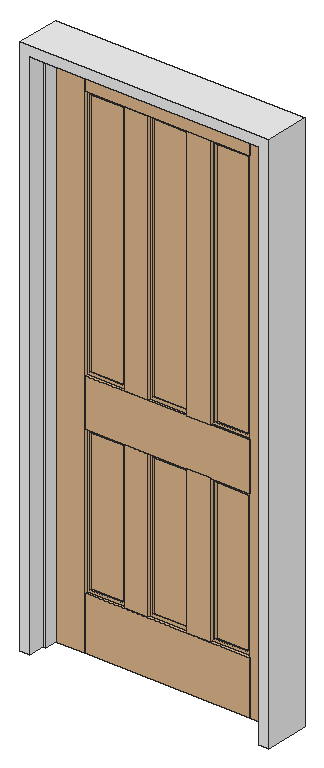
Revit family
Parameters (values of type "1 3/4" Flat Panel")
  URL = "http://www.karonadoor.com"
  Thickness Note = "Do not edit thickness."  # constant formula
  Thickness = 1.774"
  Swing Angle 2D = 90.00°
  SmartBIM Object Version = 1  # constant formula
  SmartBIM Object Created By = "Reed Construction Data"  # constant formula
  Rough Width = 0.000"
  Rough Height = 1.750"
  Panel = Panel_K3060_Karona : 1 3/4" - Flat Panel
  Model = "K3060 Mission"  # constant formula
  Manufacturer = "Karona , Inc."  # constant formula
  Detail Door Thickness = 1.750"
  Assembly Code = ""
  Top Rail Height = 5.000"
  Top Rail = Wood, Cherry - Grain Horizontal
  Stile Width = 5.063"
  Stile = Wood, Cherry - Grain Vertical
  Sticking = Wood, Cherry - Grain Vertical
  Middle Rail = Wood, Cherry - Grain Horizontal
  Height = 84.000"
  Wall Closure = (empty or 0)
  Width = 36.000"
  Frame = Metal
  Bottom Rail Height = 8.500"
  Bottom Rail = Wood, Cherry - Grain Horizontal
  95 CSI = "08210"  # constant formula
  04 CSI = "08 14 33"  # constant formula
Types (9): name | Thickness | Rough Height | Panel | Detail Door Thickness
  1 3/4" Flat Panel | 1.774" | 1.750" | Panel_K3060_Karona : 1 3/4" - Flat Panel | 1.750"
  1 3/8" Flat Panel | 1.334" | 0.000" | Panel_K3060_Karona : 1 3/8" - Flat Panel | 1.375"
  2 1/4" Flat Panel | 2.250" | 0.000" | Panel_K3060_Karona : 2 1/4" - Flat Panel | 2.250"
  1 3/4" Glass Panel | 1.774" | 1.750" | Panel_K3060_Karona : 1 3/4" - Glass Panel | 1.750"
  1 3/8" Glass Panel | 1.334" | 0.000" | Panel_K3060_Karona : 1 3/8" - Glass Panel | 1.375"
  2 1/4" Glass Panel | 2.250" | 0.000" | Panel_K3060_Karona : 2 1/4" - Glass | 2.250"
  1 3/4" Raised Panel | 1.774" | 1.750" | Panel_K3060_Karona : 1 3/4" - Raised Panel | 1.750"
  1 3/8" Raised Panel | 1.334" | 0.000" | Panel_K3060_Karona : 1 3/8" - Raised Panel | 1.375"
  2 1/4" Raised Panel | 2.250" | 0.000" | Panel_K3060_Karona : 2 1/4" - Raised Panel | 2.250"
Reference planes (in)
  plane 1 "Center (Front/Back)": y = 0
  plane 2 "Center (Left/Right)": x = 0
  plane 3 "Left": x = -18
  plane 4 "Right": x = 18
  plane 5 "Top": z = 84
  plane 6 "Exterior Edge of Frame": y = 3.5
  plane 7 "Interior Edge of Frame": y = -3.5
  plane 8: y = 1
  plane 9: y = -1
  plane 10 "Opening Left": x = -19.5
  plane 11 "Opening Right": x = 19.5
  plane 12 "Top of Opening": z = 85.5
  plane 13: x = -17.5
Forms (in)
  Sweep 1, solid, material "Metal" <- "Frame"
    path origin (0, 0, 0) x (1, 0, 0) y (0, 0, 1)
      loop
        line (-19.5, 0) -> (-19.5, 85.5) -> (19.5, 85.5) -> (19.5, 0)
    profile origin (-19.5, 0, 42.75) x (-1, 0, 0) y (0, -1, 0)
      loop
        line (0, -3.5) -> (0, 3.5) -> (-1.5, 3.5) -> (-1.5, 1) -> (-2, 1) -> (-2, -1) -> (-1.5, -1) -> (-1.5, -3.5) -> (0, -3.5)
Lines and regions (in)
  Opening 1
    outline origin (-90, -3, 0) x (1, 0, 0) y (0, 0, 1)
      loop
        line (70.5, 0) -> (109.5, 0) -> (109.5, 85.5) -> (70.5, 85.5) -> (70.5, 0)
  symbolic lines, style "Elevation Swing"
    curve 1: line (18, 3, 0) -> (-18, 3, 42)
    curve 2: line (-18, 3, 42) -> (18, 3, 84)
Text (in)
  text "Exterior" at (-46.13199, 20.20143, 0), in view "Ref. Level"
  text "Interior" at (-46.13199, -10.56751, 0), in view "Ref. Level"
  text "Exterior" at (0, 40.15149, 123.01588), in view "Right"
  text "Interior" at (0, -64.39139, 123.01588), in view "Right"
  text "Interior" at (0, -31.01599, 123.00693), in view "Left"
  text "Exterior" at (0, 54.57065, 123.00693), in view "Left"
Dimensions and locks (in)
  "Height": level to plane 5 "Top"
  "Width": plane 3 "Left" to plane 4 "Right"
  equal spacing: host wall, curve 2, plane 5 "Top"
  locked: host wall to plane 7 "Interior Edge of Frame" at 0.5
  locked: plane 6 "Exterior Edge of Frame" to host wall at 0.5
  locked: plane 9 to plane 7 "Interior Edge of Frame" at 2.5
  locked: plane 6 "Exterior Edge of Frame" to plane 8 at 2.5
  equal spacing: plane 3 "Left", plane 2 "Center (Left/Right)", plane 4 "Right"
  locked: plane 4 "Right" to plane 11 "Opening Right" at 1.5
  locked: plane 5 "Top" to plane 12 "Top of Opening" at 1.5
  locked: plane 3 "Left" to plane 13 at 0.5
  locked: plane 10 "Opening Left" to plane 3 "Left" at 1.5
  aligned and locked: Opening 1 sketch curve to level
  aligned and locked: plane 4 "Right" to curve 1
  aligned and locked: plane 3 "Left" to curve 1
  aligned and locked: plane 5 "Top" to curve 2
  aligned and locked: Opening 1 sketch curve to plane 11 "Opening Right"
  aligned and locked: plane 12 "Top of Opening" to Opening 1 sketch curve
  aligned and locked: Opening 1 sketch curve to plane 10 "Opening Left"
  aligned and locked: plane 10 "Opening Left" to Sweep 1 sketch curve
  aligned and locked: plane 12 "Top of Opening" to Sweep 1 sketch curve
  aligned and locked: plane 11 "Opening Right" to Sweep 1 sketch curve
  aligned and locked: level to Sweep 1 sketch curve  (x2)
  aligned and locked: Sweep 1 sketch curve to plane 10 "Opening Left"
  aligned and locked: Sweep 1 sketch curve to plane 6 "Exterior Edge of Frame"
  aligned and locked: Sweep 1 sketch curve to plane 7 "Interior Edge of Frame"
  aligned and locked: Sweep 1 sketch curve to plane 8
  aligned and locked: Sweep 1 sketch curve to plane 9
  aligned and locked: plane 13 to Sweep 1 sketch curve
  aligned and locked: plane 3 "Left" to Sweep 1 sketch curve  (x2)
  aligned and locked: nested 1 to plane 2 "Center (Left/Right)"
  aligned and locked: nested 1 to plane 8
  aligned and locked: nested 2 to plane 3 "Left"
  aligned and locked: nested 2 to plane 8
Automatic sketch dimensions
  curve 1 to level = 0.000"
  curve 2 to plane 4 "Right" = 0.000"
Nested families (in)
  nested 1: "Panel_K3060_Karona" at (-13.5, 0.6575, 0) x (-1, 0, 0) z (0, 0, 1), type <- "Panel", type "1 3/4" - Flat Panel"
  nested 2: "Door Panel Plan View" at (-31.5, 1, 0) x (-1, 0, 0) z (0, 0, 1), type "Door Panel Plan View"
    with Thickness 1.750", Height 84.000"
Definition of nested family "Panel_K3060_Karona"
  Parameters (values of type "2 1/4" - Flat Panel")
    Width = 36.000"
    Top Rail Material = Wood, Cherry - Grain Horizontal
    Top Rail Height = 5.000"
    Top Panel Height = Height - (Top Rail Height + Bottom Lock Rail Height)  # 56.000"
    Thickness Note = "Do not change door thickness"  # constant formula
    Thickness = 2.250"
    Stile Width = 5.063"
    Stile Material = Wood, Cherry - Grain Vertical
    Sticking Material = Wood, Cherry - Grain Vertical
    Panel Width = (Width - (2 * Stile Width) - (2 * Mullion Width)) / 3  # 6.208"
    Panel = Glass-Sticking-Assembly-Mission_Karona : Flat Panel
    Mullion Width = 3.625"  # constant formula
    Lock Rail Height = 7.500"  # constant formula
    Interior Panel = Wood, Cherry - Grain Vertical
    Height = 100.000"
    Half Panel Width = 0.5 * Panel Width  # 3.104"
    Exterior Edge - Glass Bottom Offset = if(Thickness = 1.774", 0.567", if(Thickness = 2.250", 0.803", 0.469"))  # 0.803"
    Door Panel Material = Wood, Cherry - Grain Vertical
    Default Elevation = 0.000"  # constant formula
    Bottom Lock Rail Height = 39.000"
    Bottom Rail Material = Wood, Cherry - Grain Horizontal
    Bottom Rail Height = 8.500"
    Bottom Panel Height = Bottom Lock Rail Height - (Lock Rail Height + Bottom Rail Height)  # 23.000"
    Assembly Code = ""
  Types (9): name | Top Panel Height | Thickness | Panel | Interior Panel | Height | Exterior Edge - Glass Bottom Offset
    2 1/4" - Flat Panel | 56.000" | 2.250" | Glass-Sticking-Assembly-Mission_Karona : Flat Panel | Wood, Cherry - Grain Vertical | 100.000" | 0.803"
    2 1/4" - Glass | 40.000" | 2.250" | Glass-Sticking-Assembly-Mission_Karona : Glass Panel | Glass | 84.000" | 0.803"
    2 1/4" - Raised Panel | 40.000" | 2.250" | Glass-Sticking-Assembly-Mission_Karona : Raised Panel | Wood, Cherry - Grain Vertical | 84.000" | 0.803"
    1 3/4" - Raised Panel | 40.000" | 1.774" | Glass-Sticking-Assembly-Mission_Karona : Raised Panel | Wood, Cherry - Grain Vertical | 84.000" | 0.567"
    1 3/4" - Flat Panel | 40.000" | 1.774" | Glass-Sticking-Assembly-Mission_Karona : Flat Panel | Wood, Cherry - Grain Vertical | 84.000" | 0.567"
    1 3/4" - Glass Panel | 40.000" | 1.774" | Glass-Sticking-Assembly-Mission_Karona : Glass Panel | Glass | 84.000" | 0.567"
    1 3/8" - Raised Panel | 40.000" | 1.334" | Glass-Sticking-Assembly-Mission_Karona : Raised Panel | Wood, Cherry - Grain Vertical | 84.000" | 0.469"
    1 3/8" - Glass Panel | 40.000" | 1.334" | Glass-Sticking-Assembly-Mission_Karona : Glass Panel | Glass | 84.000" | 0.469"
    1 3/8" - Flat Panel | 40.000" | 1.334" | Glass-Sticking-Assembly-Mission_Karona : Flat Panel | Wood, Cherry - Grain Horizontal | 84.000" | 0.469"
  Reference planes (in)
    plane 1 "Center (Front/Back)": y = 1.2315
    plane 2: z = 0
    plane 3 "Center (Left/Right)": x = -13.5
    plane 4 "Left": x = -31.5
    plane 5: x = 4.5
    plane 6 "Inner Left": x = -26.437
    plane 7 "Inner Right": x = -0.563
    plane 8: z = 8.5
    plane 9 "Bottom Of Top Rail": z = 95
    plane 10 "Top": z = 100
    plane 11 "Interior Edge of Door": y = 2.3565
    plane 12: z = 95
    plane 13 "Exterior Edge of Door": y = 0.1065
    plane 14 "Bottom of Glass": y = 0.9095
    plane 15 "Left Panel Vertical Midline": x = -23.333
    plane 16 "Right Panel Vertical Midline": x = -3.667
    plane 17 "Center of Left Vertical Mullion": x = -18.4165
    plane 18 "Center of Right Vertical Mullion": x = -8.5835
    plane 19: z = 39
    plane 20: z = 31.5
  Forms (in)
    Extrusion 1, solid, material "Wood, Cherry - Grain Horizontal" <- "Bottom Rail Material"
      sketch origin (0, -101.3125, 0) x (1, 0, 0) y (0, 0, 1)
        loop
          line (-26.437, 0) -> (-0.563, 0) -> (-0.563, 8.5) -> (-26.437, 8.5) -> (-26.437, 0)
      from -103.669 to -101.419
    Extrusion 2, solid, material "Wood, Cherry - Grain Vertical" <- "Stile Material"
      sketch origin (0, 1.2315, 0) x (1, 0, 0) y (0, 0, 1)
        loop
          line (-31.5, 100) -> (-31.5, 0) -> (-26.437, 0) -> (-26.437, 100) -> (-31.5, 100)
        loop
          line (-0.563, 0) -> (4.5, 0) -> (4.5, 100) -> (-0.563, 100) -> (-0.563, 0)
      from -1.125 to 1.125
    Extrusion 3, solid, material "Wood, Cherry - Grain Horizontal" <- "Top Rail Material"
      sketch origin (0, 1.2315, 0) x (1, 0, 0) y (0, 0, 1)
        loop
          line (-26.437, 100) -> (-26.437, 95) -> (-0.563, 95) -> (-0.563, 100) -> (-26.437, 100)
      from -1.125 to 1.125
    Extrusion 4, solid, material "Wood, Cherry - Grain Vertical" <- "Stile Material"
      sketch origin (0, 1.2315, 0) x (1, 0, 0) y (0, 0, 1)
        loop
          line (-20.229, 39) -> (-16.604, 39) -> (-16.604, 95) -> (-20.229, 95) -> (-20.229, 39)
        loop
          line (-10.396, 39) -> (-6.771, 39) -> (-6.771, 95) -> (-10.396, 95) -> (-10.396, 39)
        loop
          line (-20.229, 31.5) -> (-20.229, 8.5) -> (-16.604, 8.5) -> (-16.604, 31.5) -> (-20.229, 31.5)
        loop
          line (-10.396, 31.5) -> (-10.396, 8.5) -> (-6.771, 8.5) -> (-6.771, 31.5) -> (-10.396, 31.5)
      from -1.125 to 1.125
    Extrusion 5, solid, material "Wood, Cherry - Grain Horizontal" <- "Top Rail Material"
      sketch origin (-31.5, 1.2315, 0) x (0, 0, 1) y (0, 1, 0)
        loop
          line (39, 1.125) -> (31.5, 1.125) -> (31.5, -1.125) -> (39, -1.125) -> (39, 1.125)
      from -30.937 to -5.063
  Text (in)
    text "EXTERIOR" at (-34.59289, -1.27941, 0), in view "Ref. Level"
    text "EXTERIOR" at (0, -9.65287, 72.76687), in view "Left"
    text "EXTERIOR" at (0, -33.33473, 96.68074), in view "Right"
  Dimensions and locks (in)
    equal spacing: plane 4 "Left", plane 3 "Center (Left/Right)", plane 5
    "Width": plane 4 "Left" to plane 5
    "Stile Width": plane 4 "Left" to plane 6 "Inner Left"
    "Stile Width": plane 5 to plane 7 "Inner Right"
    "Bottom Rail Height": plane 8 to plane 2
    "Top Rail Height": plane 10 "Top" to plane 9 "Bottom Of Top Rail"
    "Height": plane 10 "Top" to plane 2
    equal spacing: plane 11 "Interior Edge of Door", plane 1 "Center (Front/Back)", plane 13 "Exterior Edge of Door"
    "Thickness": plane 11 "Interior Edge of Door" to plane 13 "Exterior Edge of Door"
    "Exterior Edge - Glass Bottom Offset": plane 14 "Bottom of Glass" to plane 13 "Exterior Edge of Door"
    "Exterior Edge - Glass Bottom Offset": plane 13 "Exterior Edge of Door" to plane 14 "Bottom of Glass"
    "Half Panel Width": plane 15 "Left Panel Vertical Midline" to plane 6 "Inner Left"
    "Half Panel Width": plane 7 "Inner Right" to plane 16 "Right Panel Vertical Midline"
    equal spacing: plane 3 "Center (Left/Right)", plane 17 "Center of Left Vertical Mullion", plane 15 "Left Panel Vertical Midline"
    equal spacing: Extrusion 4 sketch curve, plane 17 "Center of Left Vertical Mullion", Extrusion 4 sketch curve  (x2)
    locked: Extrusion 4 sketch curve to Extrusion 4 sketch curve at 3.625  (x4)
    equal spacing: plane 16 "Right Panel Vertical Midline", plane 18 "Center of Right Vertical Mullion", plane 3 "Center (Left/Right)"
    equal spacing: Extrusion 4 sketch curve, plane 18 "Center of Right Vertical Mullion", Extrusion 4 sketch curve  (x2)
    "Lock Rail Height": plane 19 to plane 20
    "Lock Rail Height": Extrusion 5 sketch curve to Extrusion 5 sketch curve
    Extrusion 5 to Extrusion 5 = 25.874"
    "Bottom Lock Rail Height": plane 19 to level
    aligned and locked: Extrusion 1 to plane 2
    aligned and locked: plane 11 "Interior Edge of Door" to Extrusion 1
    aligned and locked: plane 4 "Left" to Extrusion 2 sketch curve
    aligned and locked: Extrusion 2 sketch curve to plane 10 "Top"
    aligned and locked: Extrusion 2 sketch curve to Extrusion 1  (x3)
    aligned and locked: Extrusion 1 to Extrusion 2 sketch curve
    aligned and locked: plane 10 "Top" to Extrusion 2 sketch curve
    aligned and locked: plane 5 to Extrusion 2 sketch curve
    aligned and locked: plane 11 "Interior Edge of Door" to Extrusion 2
    aligned and locked: Extrusion 2 to Extrusion 3 sketch curve
    aligned and locked: Extrusion 3 sketch curve to Extrusion 2
    aligned and locked: plane 11 "Interior Edge of Door" to Extrusion 3
    aligned and locked: plane 12 to plane 9 "Bottom Of Top Rail"
    aligned and locked: level to plane 2
    aligned and locked: Extrusion 3 to plane 13 "Exterior Edge of Door"
    aligned and locked: Extrusion 3 to plane 11 "Interior Edge of Door"
    aligned and locked: Extrusion 2 to plane 13 "Exterior Edge of Door"
    aligned and locked: Extrusion 3 to plane 12
    aligned and locked: Extrusion 1 to Extrusion 2
    aligned and locked: nested 1 to plane 8
    aligned and locked: nested 1 to plane 1 "Center (Front/Back)"
    aligned and locked: nested 1 to plane 15 "Left Panel Vertical Midline"
    aligned and locked: nested 2 to plane 8
    aligned and locked: nested 3 to plane 8
    aligned and locked: plane 3 "Center (Left/Right)" to nested 3
    aligned and locked: nested 3 to plane 1 "Center (Front/Back)"
    aligned and locked: nested 2 to plane 1 "Center (Front/Back)"
    aligned and locked: nested 2 to plane 16 "Right Panel Vertical Midline"
    aligned and locked: Extrusion 4 sketch curve to plane 12  (x2)
    aligned and locked: plane 11 "Interior Edge of Door" to Extrusion 4
    aligned and locked: Extrusion 4 to plane 13 "Exterior Edge of Door"
    aligned and locked: nested 4 to plane 19
    aligned and locked: nested 6 to plane 19
    aligned and locked: nested 5 to plane 19
    aligned and locked: plane 11 "Interior Edge of Door" to Extrusion 5 sketch curve
    aligned and locked: Extrusion 5 sketch curve to plane 20
    aligned and locked: Extrusion 5 sketch curve to plane 13 "Exterior Edge of Door"
    aligned and locked: plane 7 "Inner Right" to Extrusion 5
    aligned and locked: Extrusion 5 to plane 6 "Inner Left"
    aligned and locked: Extrusion 4 sketch curve to plane 19  (x2)
    aligned and locked: nested 2 to nested 5
    aligned and locked: plane 15 "Left Panel Vertical Midline" to nested 4
    aligned and locked: plane 3 "Center (Left/Right)" to nested 6
    aligned and locked: Extrusion 4 sketch curve to plane 20  (x2)
    aligned and locked: Extrusion 4 sketch curve to plane 8  (x2)
  Automatic sketch dimensions
    Extrusion 1 sketch curve to plane 6 "Inner Left" = 0.000"
    Extrusion 1 sketch curve to plane 7 "Inner Right" = 0.000"
    Extrusion 1 sketch curve to level = 0.000"
    Extrusion 1 sketch curve to plane 8 = 0.000"
    Extrusion 3 sketch curve to plane 7 "Inner Right" = 0.000"
    Extrusion 3 sketch curve to plane 9 "Bottom Of Top Rail" = 0.000"
  Nested families (in)
    nested 1: "Glass-Sticking-Assembly-Mission_Karona" at (-23.80175, 1.504, 8.5), Width <- "Panel Width", Height <- "Bottom Panel Height", type <- "Panel", type "Flat Panel"
      with Width 6.208", Height 23.000"
    nested 2: "Glass-Sticking-Assembly-Mission_Karona" at (-4.13575, 1.504, 8.5), Width <- "Panel Width", Height <- "Bottom Panel Height", type <- "Panel", type "Flat Panel"
      with Width 6.208", Height 23.000"
    nested 3: "Glass-Sticking-Assembly-Mission_Karona" at (-13.96875, 1.504, 8.5), Width <- "Panel Width", Height <- "Bottom Panel Height", type <- "Panel", type "Flat Panel"
      with Width 6.208", Height 23.000"
    nested 4: "Glass-Sticking-Assembly-Mission_Karona" at (-23.80175, 1.504, 39), Width <- "Panel Width", Height <- "Top Panel Height", type <- "Panel", type "Flat Panel"
      with Width 6.208", Height 56.000"
    nested 5: "Glass-Sticking-Assembly-Mission_Karona" at (-4.13575, 1.504, 39), Width <- "Panel Width", Height <- "Top Panel Height", type <- "Panel", type "Flat Panel"
      with Width 6.208", Height 56.000"
    nested 6: "Glass-Sticking-Assembly-Mission_Karona" at (-13.96875, 1.504, 39), Width <- "Panel Width", Height <- "Top Panel Height", type <- "Panel", type "Flat Panel"
      with Width 6.208", Height 56.000"
  Definition of nested family "Glass-Sticking-Assembly-Mission_Karona"
    Parameters (values of type "Raised Panel")
      Width [instance] = 3.500"
      Stop Adjustment = if(and(not(Glass Panel), Door Thickness = 1.774"), 0.513", if(and(not(Glass Panel), Door Thickness = 2.250"), 0.513", if((Glass Panel), 0.125", 0.273")))  # 0.273"
      Profile = Wood, Cherry - Grain Vertical
      Height [instance] = 23.000"
      Raised Panel = yes
      Interior Panel = Wood, Cherry - Grain Vertical
      Glass Panel = no
      Door Thickness = 1.334"
      C = if(Door Thickness = 1.774", 0.200", if(Door Thickness = 2.250", 0.439", 0.191"))  # 0.191"
      B = if(Door Thickness = 1.774", 0.567", if(Door Thickness = 2.250", 0.803", 0.469"))  # 0.469"
      Assembly Code = ""
      A = if(Door Thickness = 1.774", 0.197", if(Door Thickness = 2.250", 0.433", 0.194"))  # 0.194"
    Types (3): name | Width | Stop Adjustment | Raised Panel | Interior Panel | Glass Panel | Door Thickness | C | B | A
      Glass Panel | 19.000" | 0.125" | no | Glass | yes | 2.250" | 0.439" | 0.803" | 0.433"
      Flat Panel | 4.500" | 0.273" | no | Wood, Cherry - Grain Vertical | no | 1.334" | 0.191" | 0.469" | 0.194"
      Raised Panel | 3.500" | 0.273" | yes | Wood, Cherry - Grain Vertical | no | 1.334" | 0.191" | 0.469" | 0.194"
    Reference planes (in)
      plane 1 "Stop Adjustment Edge": y = -0.3455
      plane 2: z = 0
      plane 3 "Center (Left/Right)": x = 0.46875
      plane 4 "Back": y = 0.3945
      plane 5 "Front": y = -0.9395
      plane 6 "Left": x = -1.28125
      plane 7 "Right": x = 2.21875
      plane 8 "Top": z = 23
      plane 9 "Center (Up/Down)": z = 11.5
      plane 10 "Bottom of Stop": y = -0.0725
      plane 11 "Bottom of Glass": y = -0.4705
      plane 12 "Right Edge of Glass": x = 2.16875
      plane 13 "Left Edge of Glass": x = -1.23125
      plane 14 "Top Edge of Glass": z = 22.90625
      plane 15 "Bottom Edge of Glass": z = 0.09375
      plane 16: x = 2.09375
      plane 17: x = 9.40625
      plane 18 "A": y = -0.7455
      plane 19 "C": y = 0.2035
      plane 20: z = 0.438
      plane 21: z = 22.562
      plane 22: x = -0.84325
      plane 23: x = 1.78075
      plane 24 "Center (Front/Back)": y = -0.2725
    Forms (in)
      Sweep 1, solid, material "Wood, Cherry - Grain Vertical" <- "Profile"
        path origin (0, -0.3455, 0) x (1, 0, 0) y (0, 0, 1)
          loop
            line (2.21875, 23) -> (-1.28125, 23) -> (-1.28125, 0) -> (2.21875, 0) -> (2.21875, 23)
        profile origin (2.21875, -0.3455, 11.5) x (0, -1, 0) y (1, 0, 0)
          loop
            line (-0.549, 0) -> (-0.549, -0.438) -> (-0.273, -0.438) -> (-0.273, -0.05) -> (0.125, -0.05) -> (0.125, -0.438) -> (0.4, -0.438) -> (0.4, 0) -> (-0.549, 0)
      Extrusion 2, solid, material "Wood, Cherry - Grain Vertical" <- "Interior Panel"
        sketch origin (0, 0, 0) x (1, 0, 0) y (0, 1, 0)
          loop
            line (-1.23125, -0.0725) -> (-1.23125, -0.4705) -> (2.16875, -0.4705) -> (2.16875, -0.0725) -> (-1.23125, -0.0725)
        from 0.09375 to 22.90625
      Extrusion 3, solid, material "Wood, Cherry - Grain Vertical" <- "Profile", visible <- "Raised Panel"
        sketch origin (0, 0, 0) x (1, 0, 0) y (0, 1, 0)
          loop
            line (1.78075, 0.2035) -> (-0.84325, 0.2035) -> (-0.84325, -0.0725) -> (1.78075, -0.0725) -> (1.78075, 0.2035)
          loop
            line (-0.84325, -0.4705) -> (-0.84325, -0.7455) -> (1.78075, -0.7455) -> (1.78075, -0.4705) -> (-0.84325, -0.4705)
        from 0.438 to 22.562
      Sweep 4, void
        path origin (0, -0.0725, 0) x (-1, 0, 0) y (0, 0, 1)
          loop
            line (1.28125, 0) -> (1.28125, 23) -> (-2.21875, 23) -> (-2.21875, 0) -> (1.28125, 0)
        profile "Profile : 05" origin (-1.28125, -0.0725, 11.5) x (1, 0, 0) y (0, 1, 0)
          loop
            line (0, 0.005) -> (0.36169, 0.00596)
            arc (0.36169, 0.00596) -> (1.01257, 0.09142) -> (1.61934, 0.342) r 2.52143
            line (1.61934, 0.342) -> (0, 0.342) -> (0, 0.005)
      Sweep 5, void
        path origin (0, -0.4705, 0) x (-1, 0, 0) y (0, 0, 1)
          loop
            line (-2.21875, 23) -> (-2.21875, 0) -> (1.28125, 0) -> (1.28125, 23) -> (-2.21875, 23)
        profile "Profile : 05" origin (2.21875, -0.4705, 11.5) x (-1, 0, 0) y (0, 1, 0)
          loop
            line (0, -0.005) -> (0, -0.342) -> (1.61934, -0.342)
            arc (1.61934, -0.342) -> (1.01257, -0.09142) -> (0.36169, -0.00596) r 2.52143
            line (0.36169, -0.00596) -> (0, -0.005)
    Cuts and joins
      Sweep 4, Sweep 5 cuts Extrusion 3
    Text (in)
      text "INTERIOR" at (-14.3788, 3.49864, 0), in view "Ref. Level"
    Dimensions and locks (in)
      equal spacing: plane 6 "Left", plane 3 "Center (Left/Right)", plane 7 "Right"
      "Width": plane 6 "Left" to plane 7 "Right"
      "Door Thickness": plane 4 "Back" to plane 5 "Front"
      "Height": plane 8 "Top" to plane 2
      equal spacing: plane 8 "Top", plane 9 "Center (Up/Down)", level
      locked: plane 1 "Stop Adjustment Edge" to plane 11 "Bottom of Glass" at 0.125
      "Stop Adjustment": plane 10 "Bottom of Stop" to plane 1 "Stop Adjustment Edge"
      locked: plane 12 "Right Edge of Glass" to plane 7 "Right" at 0.05
      locked: plane 8 "Top" to plane 14 "Top Edge of Glass" at 0.09375
      locked: plane 15 "Bottom Edge of Glass" to level at 0.09375
      locked: plane 6 "Left" to plane 13 "Left Edge of Glass" at 0.05
      "B": plane 5 "Front" to plane 11 "Bottom of Glass"
      locked: plane 16 to plane 7 "Right" at 0.125
      "A": plane 5 "Front" to plane 18 "A"
      "C": plane 19 "C" to plane 4 "Back"
      plane 4 "Back" to Sweep 1 = 0.467"
      locked: plane 20 to level at 0.438
      locked: plane 8 "Top" to plane 21 at 0.438
      locked: plane 6 "Left" to plane 22 at 0.438
      locked: plane 23 to plane 7 "Right" at 0.438
      equal spacing: plane 4 "Back", plane 24 "Center (Front/Back)", plane 5 "Front"
      aligned and locked: Sweep 1 sketch curve to plane 7 "Right"
      aligned and locked: Sweep 1 sketch curve to plane 8 "Top"
      aligned and locked: Sweep 1 sketch curve to plane 6 "Left"
      aligned and locked: Sweep 1 sketch curve to level
      aligned and locked: plane 7 "Right" to Sweep 1 sketch curve
      aligned and locked: plane 10 "Bottom of Stop" to Sweep 1 sketch curve
      aligned and locked: plane 11 "Bottom of Glass" to Sweep 1 sketch curve
      aligned and locked: plane 18 "A" to Sweep 1 sketch curve
      aligned and locked: Sweep 1 sketch curve to plane 19 "C"
      aligned and locked: Extrusion 2 sketch curve to plane 13 "Left Edge of Glass"
      aligned and locked: Extrusion 2 sketch curve to plane 10 "Bottom of Stop"
      aligned and locked: Extrusion 2 sketch curve to plane 11 "Bottom of Glass"
      aligned and locked: Extrusion 2 sketch curve to plane 12 "Right Edge of Glass"
      aligned and locked: plane 14 "Top Edge of Glass" to Extrusion 2
      aligned and locked: Extrusion 2 to plane 15 "Bottom Edge of Glass"
      aligned and locked: Extrusion 3 sketch curve to plane 19 "C"
      aligned and locked: Extrusion 3 sketch curve to plane 10 "Bottom of Stop"
      aligned and locked: Extrusion 3 sketch curve to plane 11 "Bottom of Glass"
      aligned and locked: Extrusion 3 sketch curve to plane 18 "A"
      aligned and locked: Extrusion 3 to plane 20
      aligned and locked: Extrusion 3 to plane 21
      aligned and locked: plane 12 "Right Edge of Glass" to Sweep 1 sketch curve
      aligned and locked: plane 23 to Extrusion 3 sketch curve  (x2)
      aligned and locked: Extrusion 3 sketch curve to plane 22  (x2)
      aligned and locked: plane 23 to Sweep 1 sketch curve  (x2)
      aligned and locked: Sweep 5 sketch curve to plane 6 "Left"
      aligned and locked: plane 8 "Top" to Sweep 5 sketch curve
      aligned and locked: Sweep 5 sketch curve to plane 7 "Right"
      aligned and locked: level to Sweep 5 sketch curve
      aligned and locked: Sweep 4 sketch curve to plane 7 "Right"
      aligned and locked: plane 8 "Top" to Sweep 4 sketch curve
      aligned and locked: Sweep 4 sketch curve to plane 6 "Left"
      aligned and locked: level to Sweep 4 sketch curve
Definition of nested family "Door Panel Plan View"
  Parameters (values of type "Door Panel Plan View")
    Width = 36.000"
    Thickness = 2.000"
    Swing Angle 2D = 90.00°
    Height = 0.000"
    Assembly Code = ""
  Reference planes (in)
    plane 1 "Center (Front/Back)": y = 0
    plane 2: z = 0
    plane 3 "Center (Left/Right)": x = -13.5
  Lines and regions (in)
    symbolic lines, style "DoorsPanelProjection"
      curve 1: line (-13.5, 0, 0) -> (-13.5, 36, 0)
      curve 2: line (-15.5, 0, 0) -> (-15.5, 36, 0)
      curve 3: line (-13.5, 0, 0) -> (-15.5, 0, 0)
      curve 4: line (-13.5, 36, 0) -> (-15.5, 36, 0)
    symbolic lines, style "Plan Swing"
      curve 5: arc (-13.5, 36, 0) -> (-38.95584, 25.45584, 0) -> (-49.5, 0, 0) r 36
  Dimensions and locks (in)
    "Width": curve 4 to curve 3
    "Thickness": curve 1 to curve 2
    "Swing Angle 2D": angle curve 1 to plane 1 "Center (Front/Back)"
    aligned and locked: plane 1 "Center (Front/Back)" to curve 5
  Automatic sketch dimensions
    curve 3 to plane 1 "Center (Front/Back)" = 0.000"
    curve 5 to plane 3 "Center (Left/Right)" = 0.000"
    curve 3 to plane 3 "Center (Left/Right)" = 0.000"
